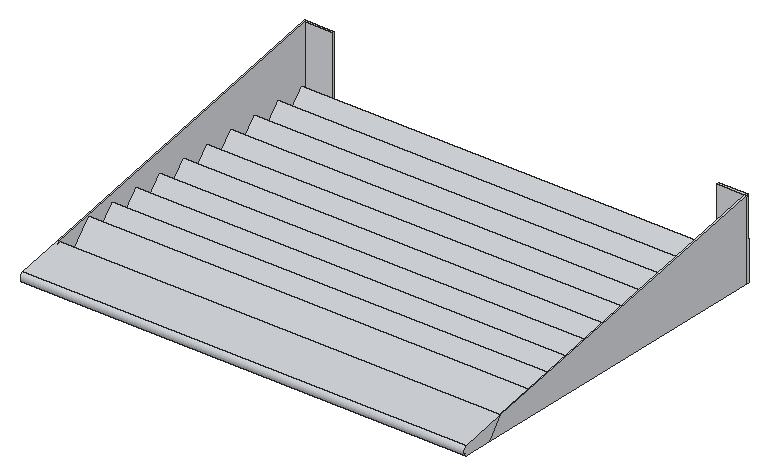
Revit family "Elon Series", category Mechanical Equipment, Revit 2015
Parameters
  projection = 4' - 0"
  pitch = 11.43°
  height = 1' - 1.22744"
  blade spacing [instance] = 0' - 4"
  blade number [instance] = (projection - 0' 10") / (blade spacing)  # 10
  blade length 2 [instance] = 8' - 2"
  blade length [instance] = Width - 0' 0 1/4" - 0' 0 1/4"  # 4' - 11 1/2"
  Width = 5' - 0"
  URL = "https://unitedenertech.com/catalog/pdf/C_13%20ELON%20SERIES.pdf"
  Type Comments = "Max Size-120\" length x 60\" projection"
  Model = "Elon Series Sunshade"
  Manufacturer = "United Enertech"
  H1 = 0' - 2.36003"
  Description = "1/4\" aluminum batten bladed sunshade with tapered outrigger and angular fascia"
Reference planes (in)
  plane 1 "Center (Front/Back)": y = 0
  plane 2: z = 0
  plane 3 "Center (Left/Right)": x = 0
  plane 4: x = -30
  plane 5: x = 30
  plane 6: z = -18
  plane 7: z = -7.19873
  plane 8: x = -29.75
  plane 9: y = -33.93095
  plane 10: y = -31.82009
  plane 11: y = -38.06901
  plane 12: y = 9.93099
  plane 13: through (0, -31.82009, -15.63997) normal (0, 0.1982, -0.9802)
  plane 14: z = -4.77256
  plane 15: x = -26
  plane 16: y = 9.68099
  plane 17: x = 29.75
  plane 18: x = 26
Forms (in)
  Extrusion 1, solid
    sketch origin (0, -15.8685, -2.62152) x (0, 1, 0) y (0, 0, 1)
      loop
        line (-15.95159, -13.01845) -> (-21.79488, -14.20024)
        arc (-21.79488, -14.20024) -> (-22.20051, -14.87158) -> (-21.60195, -15.37848) r 0.60461
        line (-21.60195, -15.37848) -> (-18.06278, -15.37848) -> (-15.95159, -13.01845)
    from -30 to 30
  Extrusion 2, solid
    sketch origin (0, 0, 0) x (0, 1, 0) y (0, 0, 1)
      loop
        line (9.68099, -7.24927) -> (-31.82009, -15.63997) -> (-33.93127, -18) -> (9.68099, -18) -> (9.68099, -7.24927)
    from -30 to -29.75
  Extrusion 3, solid
    sketch origin (0, 0, 0) x (0, 1, 0) y (0, 0, 1)
      loop
        line (9.93099, -7.19873) -> (9.68099, -7.24927) -> (9.68099, -18) -> (9.93099, -18) -> (9.93099, -7.19873)
    from -30 to -26
  Extrusion 4, solid
    sketch origin (0, 0, 0) x (0, 1, 0) y (0, 0, -1)
      loop
        line (9.68099, 7.24927) -> (9.68099, 18) -> (-33.93127, 18) -> (-31.82009, 15.63997) -> (9.68099, 7.24927)
    from -30 to -29.75
  Extrusion 5, solid
    sketch origin (0, 0, 0) x (0, 1, 0) y (0, 0, -1)
      loop
        line (9.93099, 7.19873) -> (9.93099, 18) -> (9.68099, 18) -> (9.68099, 7.24927) -> (9.93099, 7.19873)
    from -30 to -26
Cuts and joins
  joined: Extrusion 2, Extrusion 3
Dimensions and locks (in)
  equal spacing: plane 4, plane 3 "Center (Left/Right)", plane 5
  "Width": plane 4 to plane 5
  locked: plane 4 to plane 8 at 0.25
  locked: plane 10 to plane 9 at 2.11086
  locked: plane 9 to plane 11 at 4.13806
  "projection": plane 12 to plane 11
  locked: plane 4 to plane 15 at 4
  locked: plane 12 to plane 16 at 0.25
  locked: plane 17 to plane 5 at 0.25
  locked: plane 18 to plane 5 at 4
  locked: nested 1 to cut or joined group of Extrusion 2, Extrusion 3 at 3.4611
  equal spacing: group 1, group 2, group 3, group 4, group 5, group 6, group 7, group 8, group 9, group 10  (x3)
  aligned and locked: level to plane 2
  aligned and locked: Extrusion 1 to plane 6  (x2)
  aligned and locked: plane 4 to Extrusion 1
  aligned and locked: Extrusion 1 to plane 5
  aligned and locked: plane 10 to Extrusion 1
  aligned and locked: Extrusion 2 sketch curve to plane 6
  aligned and locked: Extrusion 2 sketch curve to plane 13
  aligned and locked: Extrusion 2 sketch curve to Extrusion 1
  aligned and locked: plane 4 to Extrusion 2
  aligned and locked: plane 8 to Extrusion 2
  aligned and locked: Extrusion 2 to plane 16
  aligned and locked: plane 16 to Extrusion 3 sketch curve
  aligned and locked: Extrusion 3 sketch curve to plane 6
  aligned and locked: plane 12 to Extrusion 3 sketch curve
  aligned and locked: Extrusion 3 sketch curve to plane 13
  aligned and locked: plane 4 to Extrusion 3
  aligned and locked: plane 15 to Extrusion 3
  aligned and locked: plane 17 to Extrusion 4
  aligned and locked: Extrusion 4 to plane 5
  aligned and locked: Extrusion 5 to plane 5
  aligned and locked: plane 18 to Extrusion 5
  aligned and locked: plane 3 "Center (Left/Right)" to nested 1
Automatic sketch dimensions
  Extrusion 1 sketch curve to plane 6 = 0' - 0"
  Extrusion 1 sketch curve to plane 10 = 0' - 0"
  Extrusion 1 sketch curve to plane 13 = 0' - 0"
  plane 9 to Extrusion 1 sketch curve = 0' - 0.00033"
  plane 11 to Extrusion 1 sketch curve = 0' - 0.59857"
  plane 11 to Extrusion 1 sketch curve = 0' - 0.59666"
  plane 11 to Extrusion 1 sketch curve = 0' - 0.40563"
  plane 6 to Extrusion 1 sketch curve = 0' - 0.6046"
  Extrusion 2 sketch curve to plane 16 = 0' - 0"
  Extrusion 4 sketch curve to plane 6 = 0' - 0"
  Extrusion 4 sketch curve to plane 10 = 0' - 0"
  Extrusion 4 sketch curve to plane 16 = 0' - 0"
  plane 13 to Extrusion 4 sketch curve = 0' - 0"  (x2)
  plane 9 to Extrusion 4 sketch curve = 0' - 0.00033"
  Extrusion 5 sketch curve to plane 16 = 0' - 0"
  Extrusion 5 sketch curve to plane 6 = 0' - 0"
  Extrusion 5 sketch curve to plane 12 = 0' - 0"
  plane 13 to Extrusion 5 sketch curve = 0' - 0"  (x2)
Nested families (in)
  nested 1: "Elon series blade 3" at (0, -19.89985, -18.01696) x (1, 0, 0) z (0, 0.0001, 1), Blade length <- "blade length", type "Elon series blade 3"
    with angle 48.19°, Blade length 4' - 11 1/2"
  nested 2: "Elon series blade 3" at (0, -15.89985, -18.01696) x (1, 0, 0) z (0, 0.0001, 1), Blade length <- "blade length", type "Elon series blade 3"
    with angle 48.19°, Blade length 4' - 11 1/2"
  nested 3: "Elon series blade 3" at (0, -11.89985, -18.01696) x (1, 0, 0) z (0, 0.0001, 1), Blade length <- "blade length", type "Elon series blade 3"
    with angle 48.19°, Blade length 4' - 11 1/2"
  nested 4: "Elon series blade 3" at (0, -7.89985, -18.01696) x (1, 0, 0) z (0, 0.0001, 1), Blade length <- "blade length", type "Elon series blade 3"
    with angle 48.19°, Blade length 4' - 11 1/2"
  nested 5: "Elon series blade 3" at (0, -3.89985, -18.01696) x (1, 0, 0) z (0, 0.0001, 1), Blade length <- "blade length", type "Elon series blade 3"
    with angle 48.19°, Blade length 4' - 11 1/2"
  nested 6: "Elon series blade 3" at (0, 0.10015, -18.01696) x (1, 0, 0) z (0, 0.0001, 1), Blade length <- "blade length", type "Elon series blade 3"
    with angle 48.19°, Blade length 4' - 11 1/2"
  nested 7: "Elon series blade 3" at (0, 4.10015, -18.01696) x (1, 0, 0) z (0, 0.0001, 1), Blade length <- "blade length", type "Elon series blade 3"
    with angle 48.19°, Blade length 4' - 11 1/2"
  nested 8: "Elon series blade 3" at (0, 8.10015, -18.01696) x (1, 0, 0) z (0, 0.0001, 1), Blade length <- "blade length", type "Elon series blade 3"
    with angle 48.19°, Blade length 4' - 11 1/2"
  nested 9: "Elon series blade 3" at (0, 12.10015, -18.01696) x (1, 0, 0) z (0, 0.0001, 1), Blade length <- "blade length", type "Elon series blade 3"
    with angle 48.19°, Blade length 4' - 11 1/2"
  nested 10: "Elon series blade 3" at (0, 16.10015, -18.01696) x (1, 0, 0) z (0, 0.0001, 1), Blade length <- "blade length", type "Elon series blade 3"
    with angle 48.19°, Blade length 4' - 11 1/2"
Definition of nested family "Elon series blade 3"
  Parameters (values of type "Elon series blade 3")
    angle [instance] = 48.19°
    Blade length [instance] = 8' - 2"
  Reference planes (in)
    plane 1 "Center (Front/Back)": y = 0
    plane 2: z = 0
    plane 3 "Center (Left/Right)": x = 0
    plane 4: x = -49
    plane 5: x = 49
  Forms (in)
    Extrusion 1, solid
      sketch origin (0, -0.05534, -2.28573) x (0, 0.9999, -0.014137) y (0, 0.014137, 0.9999)
        loop
          line (-9.36383, 2.16979) -> (-6.73959, 5.18863) -> (-7.09401, 5.54305) -> (-9.71825, 2.52421) -> (-9.36383, 2.16979)
      from -49 to 49
  Dimensions and locks (in)
    equal spacing: plane 4, plane 3 "Center (Left/Right)", plane 5
    "Blade length": plane 4 to plane 5
    aligned and locked: level to plane 2
    aligned and locked: plane 4 to Extrusion 1
    aligned and locked: Extrusion 1 to plane 5
  Automatic sketch dimensions
    level to Extrusion 1 sketch curve = 0' - 0.3756"
    plane 1 "Center (Front/Back)" to Extrusion 1 sketch curve = 0' - 9.73693"
    Extrusion 1 sketch curve to Extrusion 1 sketch curve = 0' - 0.35442"  (x4)
    Extrusion 1 sketch curve to Extrusion 1 sketch curve = 0' - 2.62424"
    Extrusion 1 sketch curve to Extrusion 1 sketch curve = 0' - 2.66442"
